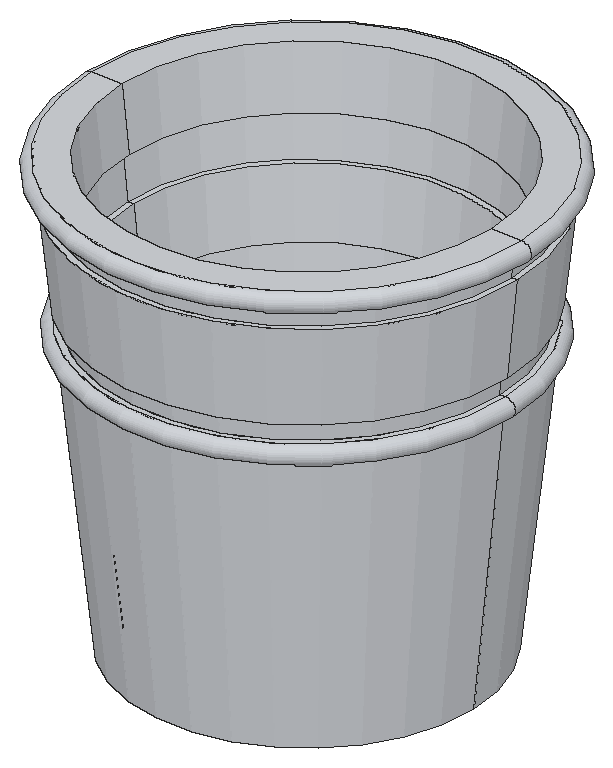
Revit family
Parameters (values of type "SBSP-050.5")
  Width = 5' - 1"
  URL = "www.strombergarchitectural.com"
  Top Material = GFRC
  Submittal Sheet = "www.strombergarchitectural.com/images/materials/gfrc/submittal/gfrc-submittal-sheet.pdf"
  Specifications = "www.strombergarchitectural.com/gfrcspecifications"
  Model Cut-sheet = "www.strombergarchitectural.com/products/bollards/design/SBSP-050"
  Model = "SBSP-050"
  Manufacturer = "Stromberg Architectural Products"
  Guidebook = "www.strombergarchitectural.com/images/materials/gfrc/handbooks/gfrc_guidebook.pdf"
  Frame Material = none
  Description = "GFRC Bollard"
  Assembly Code = ""
  Height = 4' - 0"
  XXX.5 = yes
  XXX.4 = no
  XXX.3 = no
  XXX.2 = no
  XXX.1 = no
Types (6): name | Width | Guidebook | Height | XXX.5 | XXX.4 | XXX.3 | XXX.2 | XXX.1
  (no name) | 5' - 1" | "www.strombergarchitectural.com/images/materials/gfrc/handbooks/gfrc_guidebook.pdf" | 4' - 0" | yes | no | no | no | no
  SBSP-050.3 | 3' - 9" | "www.strombergarchitectural.com/images/materials/gfrc/handbooks/gfrc_guidebook.pdf" | 3' - 0" | no | no | yes | no | no
  SBSP-050.1 | 2' - 6" | "www.strombergarchitectural.com/images/materials/gfrc/handbooks/gfrc_guidebook.pdf   \r\n(http://www.strombergarchitectural.com/images/materials/gfrc/handbooks/gfrc_guidebook.pdf" | 2' - 0" | no | no | no | no | yes
  SBSP-050.2 | 3' - 1" | "www.strombergarchitectural.com/images/materials/gfrc/handbooks/gfrc_guidebook.pdf" | 2' - 6" | no | no | no | yes | no
  SBSP-050.4 | 4' - 5" | "www.strombergarchitectural.com/images/materials/gfrc/handbooks/gfrc_guidebook.pdf" | 3' - 6" | no | yes | no | no | no
  SBSP-050.5 | 5' - 1" | "www.strombergarchitectural.com/images/materials/gfrc/handbooks/gfrc_guidebook.pdf" | 4' - 0" | yes | no | no | no | no
Reference planes (in)
  plane 1 "Center (Front/Back)": y = 3.74847
  plane 2: z = 0
  plane 3 "Center (Left/Right)": x = 0.7278
Forms (in)
  Revolve 1, solid, visible <- "XXX.1"
    sketch origin (0, 3.74847, 0) x (1, 0, 0) y (0, 0, 1)
      loop
        arc (-11.10553, 24) -> (-11.60553, 23.5) -> (-11.10553, 23) r 0.5
        line (-11.10553, 23) -> (-10.65877, 23) -> (-10.5474, 22) -> (-10.8828, 22) -> (-10.32595, 17) -> (-9.99056, 17) -> (-9.87919, 16) -> (-10.21458, 16)
        arc (-10.21458, 16) -> (-10.71458, 15.5) -> (-10.21458, 15) r 0.5
        line (-10.21458, 15) -> (-10.10321, 15) -> (-8.43268, 0) -> (0.7278, 0) -> (0.7278, 1.33333) -> (-7.2396, 1.33333) -> (-8.72451, 14.66667) -> (-8.38912, 14.66667) -> (-8.79747, 18.33333) -> (-9.13287, 18.33333) -> (-9.39273, 20.66667) -> (-9.05733, 20.66667) -> (-9.42856, 24) -> (-11.10553, 24)
      axis (0.7278, 24) -> (0.7278, 0)
    angle from 0 to 360
  Revolve 2, solid, visible <- "XXX.2"
    sketch origin (0, 3.74847, 0) x (1, 0, 0) y (0, 0, 1)
      loop
        arc (-14.06387, 30) -> (-14.68887, 29.375) -> (-14.06387, 28.75) r 0.625
        line (-14.06387, 28.75) -> (-13.50541, 28.75) -> (-13.3662, 27.5) -> (-13.78544, 27.5) -> (-13.08939, 21.25) -> (-12.67015, 21.25) -> (-12.53094, 20) -> (-12.95018, 20)
        arc (-12.95018, 20) -> (-13.57518, 19.375) -> (-12.95018, 18.75) r 0.625
        line (-12.95018, 18.75) -> (-12.81097, 18.75) -> (-10.7228, 0) -> (0.7278, 0) -> (0.7278, 1.66667) -> (-9.23145, 1.66667) -> (-11.08759, 18.33333) -> (-10.66835, 18.33333) -> (-11.17879, 22.91667) -> (-11.59803, 22.91667) -> (-11.92286, 25.83333) -> (-11.50362, 25.83333) -> (-11.96765, 30) -> (-14.06387, 30)
      axis (0.7278, 30) -> (0.7278, 0)
    angle from 0 to 360
  Revolve 3, solid, visible <- "XXX.4"
    sketch origin (0, 3.74847, 0) x (1, 0, 0) y (0, 0, 1)
      loop
        line (-17.04583, 42) -> (-19.98053, 42)
        arc (-19.98053, 42) -> (-20.85553, 41.125) -> (-19.98053, 40.25) r 0.875
        line (-19.98053, 40.25) -> (-19.1987, 40.25) -> (-19.0038, 38.5) -> (-19.59074, 38.5) -> (-18.61627, 29.75) -> (-18.11627, 29.75) -> (-18.02933, 29.75) -> (-17.83443, 28) -> (-18.42137, 28)
        arc (-18.42137, 28) -> (-19.30178, 27.0161) -> (-18.22647, 26.25) r 0.88585
        line (-18.22647, 26.25) -> (-15.30304, 0) -> (0.7278, 0) -> (0.7278, 2.33333) -> (-13.21515, 2.33333) -> (-15.81375, 25.66667) -> (-15.22681, 25.66667) -> (-15.94143, 32.08333) -> (-16.52837, 32.08333) -> (-16.98312, 36.16667) -> (-16.39618, 36.16667) -> (-17.04583, 42)
      axis (0.7278, 42) -> (0.7278, 0)
    angle from 0 to 360
  Revolve 4, solid, visible <- "XXX.3"
    sketch origin (0, 3.74847, 0) x (1, 0, 0) y (0, 0, 1)
      loop
        arc (-17.0222, 36) -> (-17.7722, 35.25) -> (-17.0222, 34.5) r 0.75
        line (-17.0222, 34.5) -> (-16.35206, 34.5) -> (-16.185, 33) -> (-16.68809, 33) -> (-15.85283, 25.5) -> (-15.34974, 25.5) -> (-15.18268, 24) -> (-15.68577, 24)
        arc (-15.68577, 24) -> (-16.43577, 23.25) -> (-15.68577, 22.5) r 0.75
        line (-15.68577, 22.5) -> (-15.51872, 22.5) -> (-13.01292, 0) -> (0.7278, 0) -> (0.7278, 2) -> (-11.2233, 2) -> (-13.45067, 22) -> (-12.94758, 22) -> (-13.56011, 27.5) -> (-14.0632, 27.5) -> (-14.45299, 31) -> (-13.9499, 31) -> (-14.50674, 36) -> (-17.0222, 36)
      axis (0.7278, 36) -> (0.7278, 0)
    angle from 0 to 360
  Revolve 5, solid, visible <- "XXX.5"
    sketch origin (0, 3.74847, 0) x (1, 0, 0) y (0, 0, 1)
      loop
        arc (-22.93887, 48) -> (-23.93887, 47) -> (-22.93887, 46) r 1
        line (-22.93887, 46) -> (-22.04534, 46) -> (-21.8226, 44) -> (-22.49339, 44) -> (-21.3797, 34) -> (-20.70892, 34) -> (-20.48618, 32) -> (-21.15697, 32)
        arc (-21.15697, 32) -> (-22.15697, 31) -> (-21.15697, 30) r 1
        line (-21.15697, 30) -> (-20.93423, 30) -> (-17.59317, 0) -> (0.7278, 0) -> (0.7278, 2.66667) -> (-15.207, 2.66667) -> (-18.17683, 29.33333) -> (-17.50604, 29.33333) -> (-18.32275, 36.66667) -> (-18.99353, 36.66667) -> (-19.51325, 41.33333) -> (-18.84247, 41.33333) -> (-19.58493, 48) -> (-22.93887, 48)
      axis (0.7278, 48) -> (0.7278, 0)
    angle from 0 to 360
